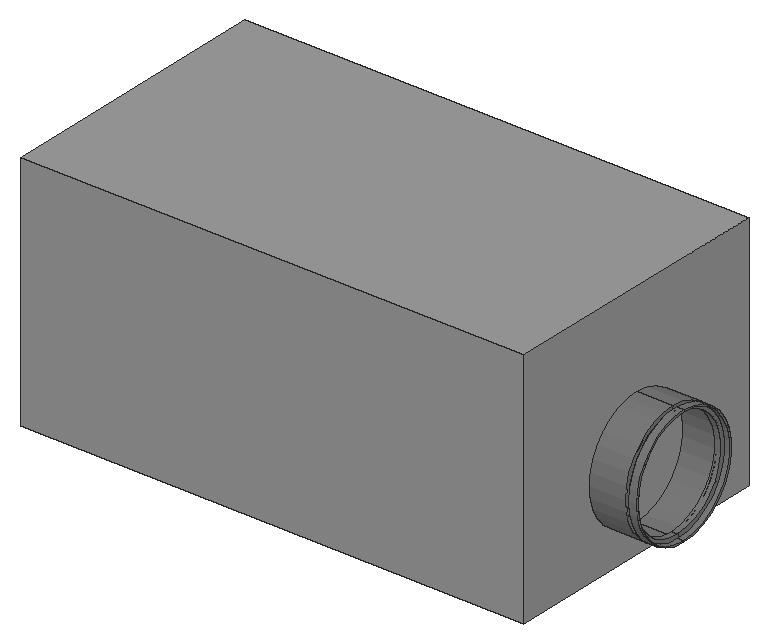
Revit family "BIMLIB_ПриточнаяУстановка_SwiftEC_SHUFT", category Оборудование, Revit 2017
Family settings
  Размер круглого соединителя = Использовать диаметр
  Тип детали = Нормальный
  На основе рабочей плоскости = Нет
  Всегда вертикально = Да
  При загрузке вырезать с полостями = Нет
  Общий = Нет
  Точка расчета площади = Нет
Parameters (values of type "Swift 700 EC")
  Повернуть УГО [instance] = yes
  Описание = "Приточная установка SWIFT предназначена для создания энергоэффективной системы вентиляции в квартире, с возможностью зонального регулирования и построения VAV-системы"  # constant formula
  Изготовитель = "ООО «Завод ВКО» марка SHUFT"  # constant formula
  Высота коннекторов = 118 mm
  Watermark [instance] = "Модели защищены уникальным кодом"
  URL = "http://www.shuft.ru/"
  SH_Мощность вентилятора = 190 W
  D = 160 mm
  BL_Разработано = "support@bimlib.pro"  # constant formula
  BL_Email = "bimmodels@rusklimat.ru"  # constant formula
  BL_BIM library = "https://bimlib.pro/manufacturer/company/23829"
  ADSK_Расход воздуха приточный [instance] = 0.0 L/s
  ADSK_Размер_Ширина = 380 mm
  ADSK_Размер_Длина = 810 mm
  ADSK_Размер_Высота = 325 mm
  ADSK_Примечание [instance] = ""
  ADSK_Полная мощность = ADSK_Номинальная мощность / ADSK_Коэффициент мощности  # 6000 VA
  ADSK_Позиция = ""
  ADSK_Обозначение = ""
  ADSK_Номинальная мощность = 6000 W
  ADSK_Напряжение = 220 V
  ADSK_Наименование = "Приточная вентиляционная установка Swift 700 EC"
  ADSK_Материал = BIMLIB_Сталь_SHUFT
  ADSK_Масса_Текст = "26"
  ADSK_Масса = 26
  ADSK_Марка = ADSK_Код изделия  # "Swift 700 EC"
  ADSK_Коэффициент мощности = 1
  ADSK_Количество фаз = 1
  ADSK_Код изделия = "Swift 700 EC"
  ADSK_Классификация нагрузок = Прочее
  ADSK_Завод-изготовитель = Изготовитель  # "ООО «Завод ВКО» марка SHUFT"
  ADSK_Единица измерения = "шт."  # constant formula
  ADSK_Версия семейства = "v.1"  # constant formula
  ADSK_Версия Revit = "2017"  # constant formula
  ADSK_URL страницы изделия = "http://www.shuft.ru/catalog/2/205/3033/100870/"
  ADSK_URL документации изделия = "http://www.shuft.ru/upload/downloads/passport-Swift-500_700%20EC.pdf"
Types (3, lengths in mm): name | SH_Мощность вентилятора | ADSK_Полная мощность | ADSK_Номинальная мощность | ADSK_Наименование | ADSK_Масса_Текст | ADSK_Масса | ADSK_Марка | ADSK_Код изделия
  (no name) | 190 W | 6000 VA | 6000 W | "Приточная вентиляционная установка Swift 700 EC" | "26" | 26 | "Swift 700 EC" | "Swift 700 EC"
  Swift 500 EC | 170 W | 4200 VA | 4200 W | "Приточная вентиляционная установка Swift 500 EC" | "25" | 25 | "Swift 500 EC" | "Swift 500 EC"
  Swift 700 EC | 190 W | 6000 VA | 6000 W | "Приточная вентиляционная установка Swift 700 EC" | "26" | 26 | "Swift 700 EC" | "Swift 700 EC"
Reference planes
  plane 1 "По центру (Вперед/Назад)": y = 0
  plane 2: z = 0
  plane 3 "По центру (Влево/Вправо)": x = 0
  plane 4: x = 405
  plane 5: x = -405
  plane 6 "Перед": y = -190
  plane 7 "Зад": y = 190
  plane 8: z = 325
  plane 9 "Лево корпус": x = -340
  plane 10 "Право корпус": x = 340
  plane 11: z = 118
  plane 12: z = 300
Forms (mm)
  Extrusion 1, solid, material "BIMLIB_Сталь_SHUFT" <- "ADSK_Материал", detail levels medium+fine
    sketch origin (0, 0, 0) x (1, 0, 0) y (0, 1, 0)
      loop
        line (-340, 190) -> (-340, -190) -> (340, -190) -> (340, 190) -> (-340, 190)
    from 0 to 325 <- "ADSK_Размер_Высота"
  Revolve 2, solid, material "BIMLIB_Сталь_Патрубки_SHUFT", detail levels medium+fine
    sketch origin (0, 0, 0) x (1, 0, 0) y (0, 0, 1)
      loop
        line (-405, 196) -> (-397, 196) -> (-397, 191) -> (-388, 191) -> (-388, 196) -> (-340, 196) -> (-340, 198) -> (-390, 198) -> (-390, 193) -> (-395, 193) -> (-395, 198) -> (-405, 198) -> (-405, 196)
      loop
        line (405, 196) -> (405, 198) -> (395, 198) -> (395, 193) -> (390, 193) -> (390, 198) -> (340, 198) -> (340, 196) -> (388, 196) -> (388, 191) -> (397, 191) -> (397, 196) -> (405, 196)
      axis (-405, 118) -> (405, 118)
    angle from 0 to 360
Lines and regions (mm)
  model lines, detail levels fine
    curve 1: line (-340, 190, 300) -> (340, 190, 300)
    curve 2: line (-340, -190, 300) -> (340, -190, 300)
    curve 3: line (-340, -190, 300) -> (-340, 190, 300)
    curve 4: line (340, -190, 300) -> (340, 190, 300)
Dimensions and locks
  equal spacing: plane 6 "Перед", plane 1 "По центру (Вперед/Назад)", plane 7 "Зад"
  equal spacing: plane 5, plane 3 "По центру (Влево/Вправо)", plane 4
  "ADSK_Размер_Длина": plane 5 to plane 4
  "ADSK_Размер_Высота": plane 8 to level
  "ADSK_Размер_Ширина": plane 6 "Перед" to plane 7 "Зад"
  locked: plane 5 to plane 9 "Лево корпус" at 65
  locked: plane 10 "Право корпус" to plane 4 at 65
  "Высота коннекторов": plane 11 to level
  locked: plane 8 to plane 12 at 25
  aligned and locked: level to plane 2
  aligned and locked: Extrusion 1 sketch curve to plane 9 "Лево корпус"
  aligned and locked: Extrusion 1 sketch curve to plane 7 "Зад"
  aligned and locked: plane 10 "Право корпус" to Extrusion 1 sketch curve
  aligned and locked: Extrusion 1 sketch curve to plane 6 "Перед"
  aligned and locked: Revolve 2 sketch curve to plane 11
  aligned and locked: plane 1 "По центру (Вперед/Назад)" to nested 1
  aligned and locked: plane 3 "По центру (Влево/Вправо)" to nested 1
Automatic sketch dimensions
  Revolve 2 sketch curve to plane 5 = 0 mm
  Revolve 2 sketch curve to plane 9 "Лево корпус" = 0 mm
  plane 10 "Право корпус" to Revolve 2 sketch curve = 0 mm
  Revolve 2 sketch curve to plane 4 = 0 mm
  Revolve 2 sketch curve to Revolve 2 sketch curve = 8 mm
  Revolve 2 sketch curve to Revolve 2 sketch curve = 2 mm  (x10)
  Revolve 2 sketch curve to Revolve 2 sketch curve = 5 mm  (x5)
  Revolve 2 sketch curve to Revolve 2 sketch curve = 17 mm
  plane 11 to Revolve 2 sketch curve = 73 mm  (x2)
  Revolve 2 sketch curve to Revolve 2 sketch curve = 3 mm
  Revolve 2 sketch curve to plane 5 = 734.579 mm
  plane 4 to Revolve 2 sketch curve = 864.276 mm
  curve 1 to plane 9 "Лево корпус" = 0 mm
  plane 10 "Право корпус" to curve 1 = 0 mm
  curve 1 to plane 12 = 0 mm
  plane 10 "Право корпус" to curve 2 = 0 mm
  curve 2 to plane 9 "Лево корпус" = 0 mm
  curve 2 to plane 12 = 0 mm
  curve 3 to plane 6 "Перед" = 0 mm
  curve 3 to plane 7 "Зад" = 0 mm
  curve 3 to plane 12 = 0 mm
  curve 4 to plane 6 "Перед" = 0 mm
  curve 4 to plane 7 "Зад" = 0 mm
  curve 4 to plane 12 = 0 mm
Nested families
  nested 1: "BIMLIB_УГО_SHUFT" at (0, 0, 0), Высота УГО 3д План <- "Высота коннекторов", Высота <- "ADSK_Размер_Высота", Длина <- "ADSK_Размер_Длина", Ширина <- "ADSK_Размер_Ширина", УГО сверху <- "Повернуть УГО", type "BIMLIB_УГО_SHUFT", detail levels coarse
    with Ширина/4 95 mm, Ширина 380 mm, УГО спереди no, УГО сверху yes, Длина 810 mm, Высота/4 81.25 mm, Высота УГО 3д План 118 mm, Высота 325 mm
Connectors
  hvac at (-405, 0, 118), driven by "D", driven by "ADSK_Расход воздуха приточный"
    settings: on Revolve 2, index 1, duct flow 0.0 L/s, flow factor 0, pres drop 0.0 Pa, loss coef 0, conn angle 0.00°, conn width 304.8 mm, conn height 304.8 mm, conn diameter 160 mm, duct sys type 1, conn prof type 0, flow config 0, flow direction 1, loss method 0, conn ref index 2, conn util no, is conn primary yes, conn desc "Наружный воздух"
  hvac at (405, 0, 118), driven by "D", driven by "ADSK_Расход воздуха приточный"
    settings: on Revolve 2, index 2, duct flow 0.0 L/s, flow factor 0, pres drop 0.0 Pa, loss coef 0, conn angle 0.00°, conn width 304.8 mm, conn height 304.8 mm, conn diameter 160 mm, duct sys type 1, conn prof type 0, flow config 0, flow direction 2, loss method 0, conn ref index 1, conn util no, is conn primary no, conn desc "Приточный воздух"
  electrical at (0, 0, 325), driven by "ADSK_Количество фаз", driven by "ADSK_Классификация нагрузок", driven by "ADSK_Напряжение", driven by "ADSK_Полная мощность", driven by "ADSK_Коэффициент мощности"
    settings: on Extrusion 1, index 3, voltage 220 V, apparent load 6000 VA, apparent load phase1 0 VA, apparent load phase2 0 VA, apparent load phase3 0 VA, power factor 1, load classification "Прочее", number of poles 1, system type 30, power factor state 1, is connector primary yes, connector utility no, sub classification motor no, connector description "Электрический соединитель"
Definition of nested family "BIMLIB_УГО_SHUFT"
  Parameters (values of type "BIMLIB_УГО_SHUFT")
    Ширина/4 [instance] = Ширина / 4  # 105 mm
    Ширина [instance] = 420 mm
    УГО спереди [instance] = not(УГО сверху)  # no
    УГО сверху [instance] = yes
    Высота/4 [instance] = Высота / 4  # 63 mm
    Длина [instance] = 810 mm
    Высота УГО 3д План [instance] = 126 mm
    Высота [instance] = 252 mm
  Reference planes
    plane 1 "По центру (Вперед/Назад)": y = 0
    plane 2: z = 0
    plane 3 "По центру (Влево/Вправо)": x = 0
    plane 4: x = -405
    plane 5: x = 405
    plane 6: y = 210
    plane 7: y = -210
    plane 8: z = 126
    plane 9 "УГО 3Д": z = 252
    plane 10: x = -270
    plane 11: x = -135
    plane 12: z = 189
    plane 13: z = 63
    plane 14: x = 63
    plane 15: x = 105
    plane 16: y = 105
    plane 17: y = -105
    plane 18 "УГО": z = 126
  Lines and regions (mm)
    model lines, visible <- "УГО спереди", detail levels coarse
      curve 1: line (-405, 0, 252) -> (-405, 0, 0)
      curve 2: line (-405, 0, 0) -> (405, 0, 0)
      curve 3: line (405, 0, 0) -> (405, 0, 252)
      curve 4: line (405, 0, 252) -> (-405, 0, 252)
      curve 5: line (-270, 0, 252) -> (-270, 0, 0)
      curve 6: line (-135, 0, 252) -> (-135, 0, 0)
      curve 7: line (0, 0, 189) -> (0, 0, 63)
      curve 8: line (0, 0, 63) -> (63, 0, 126)
      curve 9: line (63, 0, 126) -> (0, 0, 189)
    model lines, visible <- "УГО сверху", detail levels coarse
      curve 10: line (-405, 210, 126) -> (-405, -210, 126)
      curve 11: line (-405, -210, 126) -> (405, -210, 126)
      curve 12: line (405, -210, 126) -> (405, 210, 126)
      curve 13: line (405, 210, 126) -> (-405, 210, 126)
      curve 14: line (-270, 210, 126) -> (-270, -210, 126)
      curve 15: line (-135, 210, 126) -> (-135, -210, 126)
      curve 16: line (0, 105, 126) -> (105, 0, 126)
      curve 17: line (105, 0, 126) -> (0, -105, 126)
      curve 18: line (0, -105, 126) -> (0, 105, 126)
    symbolic lines, detail levels coarse
      curve 19: line (-405, 0, 252) -> (-405, 0, 0)
      curve 20: line (-405, 0, 0) -> (405, 0, 0)
      curve 21: line (405, 0, 0) -> (405, 0, 252)
      curve 22: line (405, 0, 252) -> (-405, 0, 252)
      curve 23: line (-270, 0, 252) -> (-270, 0, 0)
      curve 24: line (-135, 0, 0) -> (-135, 0, 252)
      curve 25: line (0, 0, 189) -> (63, 0, 126)
      curve 26: line (63, 0, 126) -> (0, 0, 63)
      curve 27: line (0, 0, 63) -> (0, 0, 189)
      curve 28: line (-405, 210, 0) -> (-405, -210, 0)
      curve 29: line (-405, -210, 0) -> (405, -210, 0)
      curve 30: line (405, -210, 0) -> (405, 210, 0)
      curve 31: line (405, 210, 0) -> (-405, 210, 0)
      curve 32: line (-270, 210, 0) -> (-270, -210, 0)
      curve 33: line (-135, -210, 0) -> (-135, 210, 0)
      curve 34: line (0, 105, 0) -> (105, 0, 0)
      curve 35: line (105, 0, 0) -> (0, -105, 0)
      curve 36: line (0, -105, 0) -> (0, 105, 0)
  Dimensions and locks
    equal spacing: plane 4, plane 3 "По центру (Влево/Вправо)", plane 5
    "Длина": plane 4 to plane 5
    "Ширина": plane 7 to plane 6
    equal spacing: plane 4, plane 10, plane 11, plane 3 "По центру (Влево/Вправо)"
    "Высота": plane 9 "УГО 3Д" to level
    equal spacing: plane 9 "УГО 3Д", plane 12, plane 8, plane 13, level
    "Высота/4": plane 14 to plane 3 "По центру (Влево/Вправо)"
    equal spacing: plane 6, plane 16, plane 1 "По центру (Вперед/Назад)", plane 17, plane 7
    "Ширина/4": plane 15 to plane 3 "По центру (Влево/Вправо)"
    "Ширина/4": plane 3 "По центру (Влево/Вправо)" to plane 15
    "Высота УГО 3д План": plane 18 "УГО" to level
    aligned and locked: level to plane 2
  Automatic sketch dimensions
    curve 12 to plane 5 = 0 mm
    plane 1 "По центру (Вперед/Назад)" to curve 16 = 0 mm
    curve 16 to plane 15 = 0 mm
    curve 18 to plane 3 "По центру (Влево/Вправо)" = 0 mm
    curve 15 to plane 11 = 0 mm
    curve 14 to plane 10 = 0 mm
    curve 11 to plane 4 = 0 mm
    curve 13 to plane 6 = 0 mm
    curve 18 to plane 16 = 0 mm
    plane 7 to curve 12 = 0 mm
    curve 1 to plane 4 = 0 mm
    curve 5 to plane 9 "УГО 3Д" = 0 mm
    curve 5 to plane 10 = 0 mm
    curve 23 to level = 0 mm
    curve 23 to plane 10 = 0 mm
    curve 6 to plane 11 = 0 mm
    curve 24 to plane 11 = 0 mm
    curve 9 to plane 3 "По центру (Влево/Вправо)" = 0 mm
    curve 8 to plane 8 = 0 mm
    curve 8 to plane 14 = 0 mm
    curve 20 to plane 5 = 0 mm
    curve 27 to plane 12 = 0 mm
    curve 28 to plane 4 = 0 mm
    curve 32 to plane 6 = 0 mm
    curve 32 to plane 10 = 0 mm
    plane 7 to curve 33 = 0 mm
    curve 33 to plane 11 = 0 mm
    curve 34 to plane 3 "По центру (Влево/Вправо)" = 0 mm
    plane 1 "По центру (Вперед/Назад)" to curve 34 = 0 mm
    curve 30 to plane 5 = 0 mm
    curve 36 to plane 17 = 0 mm
    curve 36 to plane 16 = 0 mm
